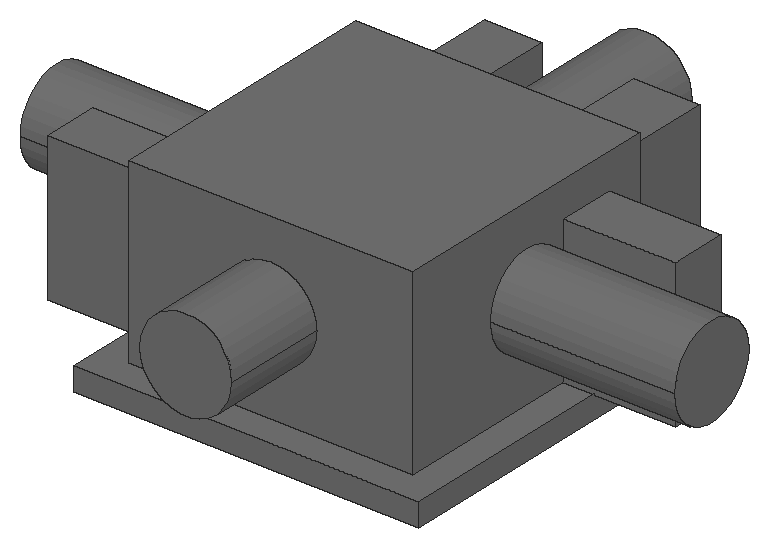
Revit family "v-180sz5(-n)_60Hz", category 機械設備, Revit 2019
Family settings
  丸型コネクタ寸法 = 直径を使用
  パーツ タイプ = 標準
  OmniClass 番号 = 23.75.35.17.27
  OmniClass タイトル = Centrifugal Fans
  作業面ベース = いいえ
  常に垂直 = はい
  ロード時にボイドで切り取り = いいえ
  共有 = いいえ
  部屋計算ポイント = はい
Parameters (values of type "V-180SZ5")
  騒音レベル(dB(A)) [instance] = 42
  風量 [instance] = 250.0 m³/h
  電源種別 [instance] = ""
  電圧 = 100 V
  電動機出力 = 0 W
  電動機_種別 [instance] = ""
  運転質量 = 0.00 kg
  連動 [instance] = ""
  質量 = if(製品質量 > 運転質量, 製品質量, 運転質量) * 1.2  # 8.04 kg
  負荷分類 = 3_ファン類
  説明 = "エアフロー環気システム サニタリー換気ユニット 中間取付形"
  設計風量 [instance] = 0.0 m³/h
  設置方法 = "天埋"
  記号 [instance] = ""
  製造元 = "三菱電機株式会社"
  製品質量 = 6.70 kg
  製品出荷対象 = "国内"
  製品リリース年月 = "2022年6月1日"
  製品グループ = ""
  系統 [instance] = ""
  符号 [instance] = ""
  積算_科目 = "2 換気設備"
  積算_拾い区分 [instance] = ""
  相 = 1
  盤記号 [instance] = ""
  発停方法 [instance] = ""
  特殊仕様 [instance] = ""
  点検口高さ = 20 mm
  点検口_Depth = 450 mm
  点検口 = yes
  火災停止 [instance] = ""
  消費電力 = 30 W
  法定耐用年数 = "15"
  機外静圧 [instance] = 100.0 Pa
  極数 = 2
  材質 [instance] = ""
  操作・制御方式 = ""
  操作・制御スイッチ = ""
  排気量 [instance] = 0.0 m³/h
  形式 = ""
  幹線記号 [instance] = ""
  対象室 [instance] = ""
  実風量 [instance] = 0.0 m³/h
  始動方式 [instance] = "直入"
  外気量 [instance] = 0.0 m³/h
  呼称 = ""
  周波数 = 60 Hz
  参照している仕様書等のバージョン = ""
  分類コード = "50052504100030"
  分類グループ = ""
  価格 = 150200
  企業コード = "108420"
  付属品_防振装置 = ""
  付属品 [instance] = ""
  仕様書バージョン = "Version1.0"
  モデル = "V-180SZ5"
  マテリアル = 合成樹脂(黒)
  ファンの種類 = ""
  ドレン管径 = 18 mm
  ドレン管_H = 14 mm
  ドレン管_D = 239 mm
  ダクト径 = 100 mm
  コメント [instance] = ""
  Keynote = ""
  カバーマテリアル = 合成樹脂(黒)
  Width = 304 mm
  W3 = Width / 2  # 152 mm
  W2 = 110 mm
  W1 = 369 mm
  Version = ""
  Uniclass2015Version = "Systems v1.9"
  Uniclass2015Title = "Centrifugal fans"
  Uniclass2015Code = "Pr_65_67_29_12"
  URL = "https://www.mitsubishielectric.co.jp/ldg/wink/ssl/displayProduct.do?pid=320478"
  SpecificationReference = ""
  SpecificationDescription = ""
  Revision = ""
  RAサイズ_D = 98 mm
  ProductInformation = ""
  OmniClassCode = "23-33 31 19 11 15"
  MIN風量 = 60.0 m³/h
  MIN静圧 = 250.0 Pa
  MID風量 = 120.0 m³/h
  MID静圧 = 220.0 Pa
  MAX風量 = 250.0 m³/h
  MAX静圧 = 100.0 Pa
  IfcTypeProduct = ""
  IfcProduct = ""
  IfcExportType = "PROPELLORAXIAL"
  IfcExportAs = "IfcFanType"
  Height = 194 mm
  H2 = 157 mm
  H1 = 25 mm
  EAサイズ_D = 98 mm
  Duct_RA_Depth = 198 mm
  Duct_H = 101.5 mm
  Duct_EA_Depth = 113 mm
  Depth = 304 mm
  D2 = 120 mm
  D1 = 369 mm
  Cover_Width = 120 mm
  Author = "三菱電機株式会社"
Types (2, lengths in mm): name | 騒音レベル(dB(A)) | 風量 | 質量 | 製品質量 | 消費電力 | 機外静圧 | 価格 | モデル | URL | MIN静圧 | MID風量 | MID静圧 | MAX風量 | MAX静圧
  V-180SZ5 | 42 | 250.0 m³/h | 8.04 kg | 6.70 kg | 30 W | 100.0 Pa | 150200 | "V-180SZ5" | "https://www.mitsubishielectric.co.jp/ldg/wink/ssl/displayProduct.do?pid=320478" | 250.0 Pa | 120.0 m³/h | 220.0 Pa | 250.0 m³/h | 100.0 Pa
  V-180SZ5-N | 49 | 225.0 m³/h | 7.20 kg | 6.00 kg | 48 W | 178.0 Pa | 90100 | "V-180SZ5-N" | "https://www.mitsubishielectric.co.jp/ldg/wink/ssl/displayProduct.do?pid=320479" | 12.5 Pa | 0.0 m³/h | 0.0 Pa | 225.0 m³/h | 178.0 Pa
Reference planes
  plane 1 "中心(正面/背面)": y = 0
  plane 2: z = 0
  plane 3 "中心(左/右)": x = 0
  plane 4: x = -184.5
  plane 5: x = 184.5
  plane 6: y = 184.5
  plane 7: y = -184.5
  plane 8: x = -152
  plane 9: x = 152
  plane 10: y = 152
  plane 11: y = -152
  plane 12: y = -265
  plane 13: z = 194
  plane 14: z = -25
  plane 15: z = 101.5
  plane 16: y = 350
  plane 17: x = -110
  plane 18: x = 120
  plane 19: y = 272
  plane 20: z = 157
  plane 21: y = 239
  plane 22: z = -14
  plane 23: x = -225
  plane 24: y = 225
  plane 25: y = -225
  plane 26: x = 225
  plane 27: z = -45
  plane 28: x = -76
  plane 29: x = 76
  plane 30: y = 110
  plane 31: y = -110
  plane 32: x = 350
  plane 33: x = -350
  plane 34: x = 272
  plane 35: x = -272
  plane 36: z = 150.5
  plane 37: z = 52.5
  plane 38: x = -49
  plane 39: x = 49
  plane 40: y = 49
  plane 41: y = -49
Forms (mm)
  Extrusion 1, solid, material "合成樹脂(黒)" <- "マテリアル", detail levels fine
    sketch origin (0, 0, 0) x (1, 0, 0) y (0, 1, 0)
      loop
        line (-152, 152) -> (-152, -152) -> (152, -152) -> (152, 152) -> (-152, 152)
    from 0 to 194
  Extrusion 2, solid, material "合成樹脂(黒)" <- "カバーマテリアル", detail levels fine
    sketch origin (0, 0, 0) x (1, 0, 0) y (0, 1, 0)
      loop
        line (-184.5, 184.5) -> (-184.5, -184.5) -> (184.5, -184.5) -> (184.5, 184.5) -> (-184.5, 184.5)
    from 0 to -25
  Extrusion 3, solid, material "合成樹脂(黒)" <- "マテリアル", detail levels fine
    sketch origin (0, 0, 0) x (1, 0, 0) y (0, 0, 1)
      loop
        circle (0, 101.5) r 49
    from 152 to 265
  Extrusion 4, solid, material "合成樹脂(黒)" <- "マテリアル", detail levels fine
    sketch origin (0, 0, 0) x (1, 0, 0) y (0, 0, 1)
      loop
        circle (0, 101.5) r 49
    from -350 to -152
  Extrusion 5, solid, material "合成樹脂(黒)" <- "マテリアル", detail levels fine
    sketch origin (0, 0, 0) x (1, 0, 0) y (0, 1, 0)
      loop
        line (120, 272) -> (49, 272) -> (49, 152) -> (120, 152) -> (120, 272)
    from 0 to 157
  Extrusion 6, solid, material "合成樹脂(黒)" <- "マテリアル", detail levels fine
    sketch origin (0, 0, 0) x (1, 0, 0) y (0, 1, 0)
      loop
        line (-110, 152) -> (-49, 152) -> (-49, 272) -> (-110, 272) -> (-110, 152)
    from 0 to 157
  Extrusion 7, solid, material "合成樹脂(黒)" <- "マテリアル", detail levels fine
    sketch origin (0, 0, 0) x (0, 1, 0) y (0, 0, 1)
      loop
        circle (0, 101.5) r 49
    from 152 to 350
  Extrusion 8, solid, material "合成樹脂(黒)" <- "マテリアル", detail levels fine
    sketch origin (0, 0, 0) x (0, 1, 0) y (0, 0, 1)
      loop
        circle (0, 101.5) r 49
    from -350 to -152
  Extrusion 9, solid, material "合成樹脂(黒)" <- "マテリアル", detail levels fine
    sketch origin (0, 0, 0) x (1, 0, 0) y (0, 1, 0)
      loop
        line (-272, -110) -> (-152, -110) -> (-152, -49) -> (-272, -49) -> (-272, -110)
    from 0 to 157
  Extrusion 10, solid, material "合成樹脂(黒)" <- "マテリアル", detail levels fine
    sketch origin (0, 0, 0) x (1, 0, 0) y (0, 1, 0)
      loop
        line (272, 49) -> (272, 110) -> (152, 110) -> (152, 49) -> (272, 49)
    from 0 to 157
  Extrusion 11, solid, material "合成樹脂(黒)" <- "マテリアル", detail levels fine
    sketch origin (0, 0, 0) x (1, 0, 0) y (0, 0, 1)
      loop
        circle (0, -14) r 9
    from -239 to -184.5
Lines and regions (mm)
  Masking region 1, detail levels coarse+medium
    outline origin (3517.908, 55.806, 0) x (1, 0, 0) y (0, 1, 0)
      loop
        line (-3669.908, 96.194) -> (-3669.908, -207.806) -> (-3365.908, -207.806) -> (-3365.908, 96.194) -> (-3669.908, 96.194)
  symbolic lines, detail levels coarse+medium
    curve 1: circle (-76, 0, 0) r 76 normal (0, 0, 1)
    curve 2: circle (76, 0, 0) r 76 normal (0, 0, 1)
Dimensions and locks
  equal spacing: plane 4, plane 3 "中心(左/右)", plane 5
  "W1": plane 4 to plane 5
  equal spacing: plane 6, plane 1 "中心(正面/背面)", plane 7
  "D1": plane 6 to plane 7
  equal spacing: plane 8, plane 3 "中心(左/右)", plane 9
  "Width": plane 8 to plane 9
  equal spacing: plane 10, plane 1 "中心(正面/背面)", plane 11
  "Depth": plane 10 to plane 11
  "Duct_EA_Depth": plane 11 to plane 12
  "Height": plane 13 to plane 2
  "Duct_H": plane 15 to plane 2
  "H1": plane 2 to plane 14
  "Duct_RA_Depth": plane 16 to plane 10
  "W2": plane 17 to plane 3 "中心(左/右)"
  "Cover_Width": plane 3 "中心(左/右)" to plane 18
  "D2": plane 19 to plane 10
  "H2": plane 20 to level
  "ドレン管_H": level to plane 22
  equal spacing: plane 23, plane 3 "中心(左/右)", plane 26
  "点検口_Depth": plane 23 to plane 26
  equal spacing: plane 24, plane 1 "中心(正面/背面)", plane 25
  "点検口_Depth": plane 24 to plane 25
  "点検口高さ": plane 14 to plane 27
  equal spacing: plane 8, plane 28, plane 3 "中心(左/右)"
  equal spacing: plane 3 "中心(左/右)", plane 29, plane 9
  "W2": plane 30 to plane 1 "中心(正面/背面)"
  "W2": plane 1 "中心(正面/背面)" to plane 31
  "Duct_RA_Depth": plane 33 to plane 8
  "Duct_RA_Depth": plane 9 to plane 32
  "D2": plane 35 to plane 8
  "D2": plane 9 to plane 34
  equal spacing: plane 36, plane 15, plane 37
  "EAサイズ_D": plane 36 to plane 37
  equal spacing: plane 38, plane 3 "中心(左/右)", plane 39
  "EAサイズ_D": plane 38 to plane 39
  equal spacing: plane 41, plane 1 "中心(正面/背面)", plane 40
  "RAサイズ_D": plane 40 to plane 41
  "ドレン管_D": plane 21 to plane 1 "中心(正面/背面)"
  "EAサイズ_D": diameter of Extrusion 3 sketch curve
  "RAサイズ_D": diameter of Extrusion 4 sketch curve
  "RAサイズ_D": diameter of Extrusion 7 sketch curve
  "RAサイズ_D": diameter of Extrusion 8 sketch curve
  "ドレン管径": diameter of Extrusion 11 sketch curve
  "W3": diameter of curve 1
  "W3": diameter of curve 2
  aligned and locked: level to plane 2
  aligned and locked: plane 5 to Extrusion 2
  aligned and locked: plane 6 to Extrusion 2
  aligned and locked: Extrusion 2 to plane 4
  aligned and locked: Extrusion 2 to plane 7
  aligned and locked: plane 9 to Extrusion 1
  aligned and locked: Extrusion 1 to plane 11
  aligned and locked: Extrusion 1 to plane 8
  aligned and locked: plane 10 to Extrusion 1
  aligned and locked: plane 13 to Extrusion 1
  aligned and locked: Extrusion 2 to plane 14
  aligned and locked: level to Extrusion 2
  aligned and locked: Extrusion 1 to level
  aligned and locked: Extrusion 3 to plane 12
  aligned and locked: plane 11 to Extrusion 3
  aligned and locked: Masking region 1 to plane 8
  aligned and locked: plane 9 to Masking region 1
  aligned and locked: Masking region 1 to plane 11
  aligned and locked: plane 10 to Masking region 1
  aligned and locked: plane 16 to Extrusion 4
  aligned and locked: Extrusion 4 to plane 10
  aligned and locked: plane 19 to Extrusion 5 sketch curve
  aligned and locked: plane 18 to Extrusion 5 sketch curve
  aligned and locked: Extrusion 5 sketch curve to plane 10
  aligned and locked: Extrusion 6 sketch curve to plane 10
  aligned and locked: Extrusion 6 sketch curve to plane 17
  aligned and locked: plane 19 to Extrusion 6 sketch curve
  aligned and locked: Extrusion 8 to plane 33
  aligned and locked: plane 8 to Extrusion 8
  aligned and locked: plane 32 to Extrusion 7
  aligned and locked: Extrusion 7 to plane 9
  aligned and locked: Extrusion 9 sketch curve to plane 31
  aligned and locked: plane 35 to Extrusion 9 sketch curve
  aligned and locked: plane 8 to Extrusion 9 sketch curve
  aligned and locked: Extrusion 10 sketch curve to plane 34
  aligned and locked: Extrusion 10 sketch curve to plane 30
  aligned and locked: plane 9 to Extrusion 10 sketch curve
  aligned and locked: plane 24 to nested 1
  aligned and locked: nested 1 to plane 25
  aligned and locked: plane 27 to nested 1
  aligned and locked: nested 1 to plane 26
  aligned and locked: plane 23 to nested 1
  aligned and locked: Extrusion 5 to plane 39
  aligned and locked: plane 38 to Extrusion 6
  aligned and locked: Extrusion 10 to plane 40
  aligned and locked: Extrusion 9 to plane 41
  aligned and locked: Extrusion 10 to plane 2
  aligned and locked: Extrusion 9 to plane 2
  aligned and locked: Extrusion 6 to plane 2
  aligned and locked: plane 21 to Extrusion 11
  aligned and locked: Extrusion 11 to Extrusion 2
Automatic sketch dimensions
  Extrusion 1 sketch curve to plane 8 = 0 mm
  Extrusion 1 sketch curve to plane 9 = 0 mm
  Extrusion 1 sketch curve to plane 11 = 0 mm
  Extrusion 1 sketch curve to plane 10 = 0 mm
  Extrusion 2 sketch curve to plane 4 = 0 mm
  Extrusion 2 sketch curve to plane 5 = 0 mm
  Extrusion 2 sketch curve to plane 7 = 0 mm
  Extrusion 2 sketch curve to plane 6 = 0 mm
  Masking region 1 sketch curve to plane 6 = 336.5 mm
  plane 26 to Masking region 1 sketch curve = 377 mm
  Masking region 1 sketch curve to Masking region 1 sketch curve = 304 mm
  Masking region 1 sketch curve to plane 24 = 73 mm
  Extrusion 3 sketch curve to plane 3 "中心(左/右)" = 0 mm
  Extrusion 3 sketch curve to plane 15 = 0 mm
  Extrusion 4 sketch curve to plane 3 "中心(左/右)" = 0 mm
  Extrusion 4 sketch curve to plane 15 = 0 mm
  Extrusion 7 sketch curve to plane 1 "中心(正面/背面)" = 0 mm
  Extrusion 7 sketch curve to plane 15 = 0 mm
  Extrusion 8 sketch curve to plane 1 "中心(正面/背面)" = 0 mm
  Extrusion 8 sketch curve to plane 15 = 0 mm
  plane 3 "中心(左/右)" to Extrusion 5 sketch curve = 49 mm
  Extrusion 6 sketch curve to plane 3 "中心(左/右)" = 49 mm
  Extrusion 10 sketch curve to plane 1 "中心(正面/背面)" = 49 mm
  Extrusion 9 sketch curve to plane 41 = 0 mm
  Extrusion 11 sketch curve to plane 3 "中心(左/右)" = 0 mm
  Extrusion 11 sketch curve to plane 22 = 0 mm
  plane 1 "中心(正面/背面)" to curve 1 = 0 mm
  curve 1 to plane 28 = 0 mm
  plane 1 "中心(正面/背面)" to curve 2 = 0 mm
  curve 2 to plane 29 = 0 mm
Nested families
  nested 1: "点検口設置範囲" at (0, 0, -45), visible <- "点検口", type "点検口設置範囲"
    with Width 450 mm, Depth 450 mm
Connectors
  hvac at (0, -265, 101.5), driven by "ダクト径", driven by "風量", driven by "機外静圧"
    settings: on Extrusion 3, index 1, duct flow 250.0 m³/h, flow factor 0, pres drop 100.0 Pa, loss coef 0, conn angle 0.00°, conn width 304.8 mm, conn height 304.8 mm, conn diameter 100 mm, duct sys type 3, conn prof type 0, flow config 0, flow direction 2, loss method 4, conn ref index -1, conn util no, is conn primary yes, conn desc ""
  hvac at (350, 0, 101.5), driven by "ダクト径", driven by "機外静圧", driven by "風量"
    settings: on Extrusion 7, index 3, duct flow 250.0 m³/h, flow factor 0, pres drop 100.0 Pa, loss coef 0, conn angle 0.00°, conn width 304.8 mm, conn height 304.8 mm, conn diameter 100 mm, duct sys type 2, conn prof type 0, flow config 0, flow direction 2, loss method 4, conn ref index -1, conn util no, is conn primary no, conn desc ""
  hvac at (0, 350, 101.5), driven by "ダクト径", driven by "機外静圧", driven by "風量"
    settings: on Extrusion 4, index 4, duct flow 250.0 m³/h, flow factor 0, pres drop 100.0 Pa, loss coef 0, conn angle 0.00°, conn width 304.8 mm, conn height 304.8 mm, conn diameter 100 mm, duct sys type 2, conn prof type 0, flow config 0, flow direction 2, loss method 4, conn ref index -1, conn util no, is conn primary no, conn desc ""
  hvac at (-350, 0, 101.5), driven by "ダクト径", driven by "機外静圧", driven by "風量"
    settings: on Extrusion 8, index 5, duct flow 250.0 m³/h, flow factor 0, pres drop 100.0 Pa, loss coef 0, conn angle 0.00°, conn width 304.8 mm, conn height 304.8 mm, conn diameter 100 mm, duct sys type 2, conn prof type 0, flow config 0, flow direction 2, loss method 4, conn ref index -1, conn util no, is conn primary no, conn desc ""
  piping at (0, 239, -14), diameter 18, driven by "ドレン管径"
    settings: on Extrusion 11, index 6, connector inside diameter 609.6 mm, connector length 0 mm, flow factor 0, pipe flow 0.0 L/s, pressure drop 0.0 Pa, fitting loss kfactor 0, connector angle 0.00°, fixture units 0, engagement length 0 mm, angle of deflection 0.00°, flow configuration 0, flow direction 2, fitting loss method 4, system type 16, joint type 0, gender type 0, connector reference index -1, connector utility 0, adjustable connector no, is connector primary yes, connector description ""
  electrical at (84.5, 212, 0), driven by "極数", driven by "負荷分類", driven by "電圧", driven by "消費電力"
    settings: on Extrusion 5, index 7, voltage 100 V, apparent load 30 VA, apparent load phase1 0 VA, apparent load phase2 0 VA, apparent load phase3 0 VA, power factor 1, load classification "3_ファン類", number of poles 2, system type 30, power factor state 1, is connector primary yes, connector utility no, sub classification motor no, connector description ""
Definition of nested family "点検口設置範囲"
  Parameters (values of type "点検口設置範囲")
    Width [instance] = 1000 mm
    Depth [instance] = 700 mm
  Reference planes
    plane 1 "中心(正面/背面)": y = 0
    plane 2: z = 0
    plane 3 "中心(左/右)": x = 0
    plane 4: x = -500
    plane 5: x = 500
    plane 6: y = -350
    plane 7: y = 350
  Lines and regions (mm)
    model lines
      curve 1: line (-500, 350, 0) -> (500, 350, 0)
      curve 2: line (-500, -350, 0) -> (-500, 350, 0)
      curve 3: line (500, -350, 0) -> (-500, -350, 0)
      curve 4: line (500, 350, 0) -> (500, -350, 0)
  Dimensions and locks
    "Depth": plane 7 to plane 6
    "Width": plane 4 to plane 5
    equal spacing: plane 7, plane 1 "中心(正面/背面)", plane 6
    equal spacing: plane 4, plane 3 "中心(左/右)", plane 5
    aligned and locked: level to plane 2
    aligned and locked: plane 4 to curve 2
    aligned and locked: curve 1 to plane 7
    aligned and locked: curve 4 to plane 5
    aligned and locked: plane 6 to curve 3
